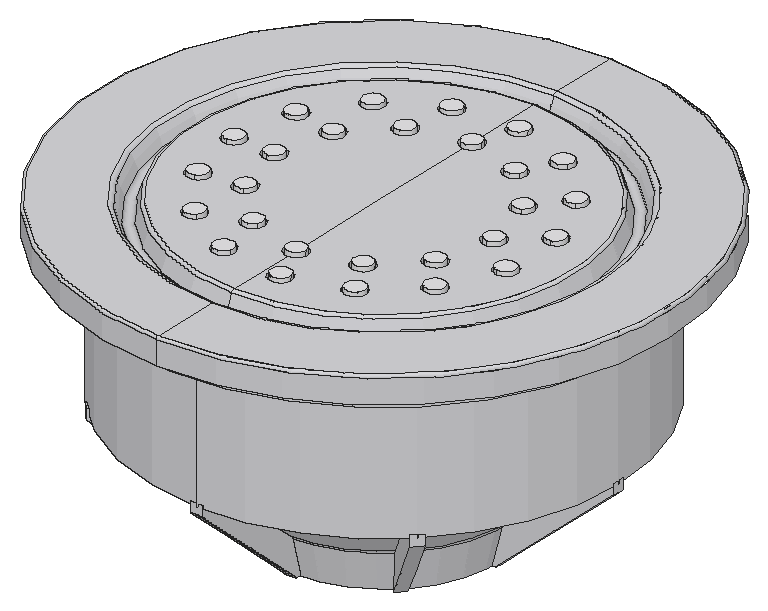
Revit family "Shower-Bodyspray-KOHLER-WaterTile-K-8013IN", category Plumbing Fixtures, host Face, Revit 2017
Family settings
  Host = Face
  Round Connector Dimension = Use Diameter
  Part Type = Normal
  OmniClass Number = 23.31.17.00
  OmniClass Title = Showers
  Cut with Voids When Loaded = No
  Shared = No
  Room Calculation Point = No
Parameters (values of type "CP-Polished Chrome")
  Width = 4 7/8"  # constant formula
  WaterSense Certified = 1 = 0  # no
  Waste Water Outlet = "Waste Water Outlet"  # constant formula
  Waste Connection = 1 = 0  # no
  Vent Connection = 1 = 0  # no
  URL = "https://www.kohler.co.in/"
  Type = 1
  Temperd Water Inlet = "Temperd Water Inlet"  # constant formula
  Product Page URL = "https://www.kohler.co.in/product-detail/8013in?skuid=K-8013IN-CP"
  Product Name = "Water Tile"  # constant formula
  Product Documentation Link = "https://www.us.kohler.com/webassets/kpna/catalog/pdf/en/K-8013-AK_spec_US-CA_Kohler_en.pdf"
  Pressure = 80.00 psi  # constant formula
  Panel Thickness = 1/4"  # constant formula
  Model = if(Type = 1, "K-8013IN-CP", "NA")  # "K-8013IN-CP"
  Material = "Premium Metal Construction"  # constant formula
  Master Format 2014 Name = "Residential Showers"  # constant formula
  Master Format 2014 = "22 42 23"  # constant formula
  Manufacturer Address = "Ambience Office Tower NH-8 Gurgaon / Gurugram Haryana , 122001"  # constant formula
  Manufacturer = "KOHLER Co."  # constant formula
  Length = 2 1/2"  # constant formula
  Hot Water Inlet = "Hot Water Inlet"  # constant formula
  Height = 4 7/8"  # constant formula
  HW Connection = 1 = 1  # yes
  Flow Rate = 2 GPM  # constant formula
  Finish = Kohler-Metal-CP-Polished_Chrome
  Environmental Product Declaration = ""
  Drain Included = 1 = 0  # no
  Description = "Round 27-nozzle bodyspray with stimulating spray"  # constant formula
  Default Elevation = 42"
  Declare Label = ""
  Date Modified = "09/16/2020"  # constant formula
  Date Created = "09/16/2020"  # constant formula
  Copyright = "Copyright KOHLER Co."  # constant formula
  Contact Us = "https://www.kohler.co.in/contact-us"
  Cold Water Inlet = "Cold Water Inlet"  # constant formula
  CW Connection = 1 = 0  # no
  Assembly Code = "D2010700"
  ADA Compliant = 1 = 0  # no
Reference planes (in)
  plane 1 "Center (Front/Back)": y = 0
  plane 2: z = 0
  plane 3 "Center (Left/Right)": x = 0
  plane 4: z = 0
  plane 5: z = 0
  plane 6: y = -2.44094
  plane 7: y = -2.44094
  plane 8: x = -2.44094
  plane 9: x = -2.44094
  plane 10: y = 2.00787
  plane 11: y = -2.00787
  plane 12: x = -2.44094
  plane 13: y = -2.44094
  plane 14: z = 0
  plane 15: y = 2.43406
  plane 16: x = 2.43406
  plane 17: z = 0.25
  plane 18: z = -2.25
Forms (in)
  Extrusion 1, void
    sketch origin (0, 0, 0) x (1, 0, 0) y (0, 1, 0)
      loop
        circle (0, 0) r 2.30054
    from 0 to -2.24409
Dimensions and locks (in)
  plane 10 to plane 11 = 4.01575"
  "Height": plane 13 to plane 15
  "Width": plane 12 to plane 16
  "Panel Thickness": plane 17 to plane 14
  "Length": plane 17 to plane 18
  aligned and locked: plane 2 to host face
  aligned and locked: level to host face
Automatic sketch dimensions
  host sketch curve to host sketch curve = 96"  (x2)
  plane 1 "Center (Front/Back)" to Extrusion 1 sketch curve = 0"
  Extrusion 1 sketch curve to plane 3 "Center (Left/Right)" = 0"
  radius of Extrusion 1 sketch curve = 2.30054"
Nested families (in)
  nested 1: "K-8013IN" at (0, 0, -2.24409) x (0, 1, 0) z (0, 0, 1), type "K-8013IN"
Connectors (in)
  piping at (0, 0, -2.14126), diameter 0.5, driven by "Flow Rate", driven by "Pressure", driven by "HW Connection", driven by "Temperd Water Inlet"
    settings: on nested 1, index 1, connector inside diameter 24", connector length 0", flow factor 0, pipe flow 2 GPM, pressure drop 80.00 psi, fitting loss kfactor 0, connector angle 0.00°, fixture units 0, engagement length 0", angle of deflection 0.00°, flow configuration 0, flow direction 1, fitting loss method 4, system type 19, joint type 0, gender type 0, connector reference index -1, connector utility 1, adjustable connector no, is connector primary yes, connector description "Temperd Water Inlet"
Definition of nested family "K-8013IN"
  Parameters (values of type "K-8013IN")
    Material = none
  Reference planes (in)
    plane 1 "Center (Front/Back)": y = 0
    plane 2: z = 0
    plane 3 "Center (Left/Right)": x = 0
    plane 4: z = 2.50725
    plane 5: x = -2.00787
    plane 6: x = 2.00787
    plane 7: z = 2.24409
    plane 8: y = 2.44094
    plane 9: y = -2.3622
    plane 10: x = -2.44094
    plane 11: x = 2.44094
  Forms (in)
    Revolve 1, solid, material <- "Material", detail levels medium+fine
      sketch origin (0, 0, 0) x (1, 0, 0) y (0, 0, 1)
        loop
          arc (2.44094, 2.44803) -> (2.43434, 2.46397) -> (2.4184, 2.47058) r 0.02255
          line (2.4184, 2.47058) -> (1.85271, 2.47058)
          arc (1.85271, 2.47058) -> (1.83083, 2.46491) -> (1.81445, 2.44932) r 0.04506
          arc (1.81445, 2.44932) -> (1.78217, 2.38955) -> (1.75742, 2.32629) r 0.55484
          arc (1.75742, 2.32629) -> (1.71759, 2.29377) -> (1.67543, 2.32321) r 0.04265
          line (1.67543, 2.32321) -> (1.63391, 2.45099)
          arc (1.63391, 2.45099) -> (1.62361, 2.46516) -> (1.60695, 2.47058) r 0.02835
          line (1.60695, 2.47058) -> (0, 2.47058) -> (0, 0.10283) -> (0.6485, 0.10283) -> (0.6485, 0) -> (0.96347, 0) -> (1.05121, 0.32704)
          arc (1.05121, 0.32704) -> (1.05781, 0.34149) -> (1.06877, 0.353) r 0.04799
          arc (1.06877, 0.353) -> (1.35597, 0.62436) -> (1.57456, 0.95351) r 1.74048
          arc (1.57456, 0.95351) -> (1.58841, 0.96847) -> (1.60804, 0.974) r 0.0376
          line (1.60804, 0.974) -> (2.00787, 0.974) -> (2.00787, 2.14565) -> (2.30054, 2.14565) -> (2.30054, 2.24409) -> (2.44094, 2.24409) -> (2.44094, 2.44803)
        axis (0, 0) -> (0, 2.47058)
      angle from 0 to 360
    Extrusion 2, solid, material <- "Material", detail levels medium+fine
      sketch origin (0, 0, 0) x (1, 0, 0) y (0, 1, 0)
        loop
          arc (0.9299, 0.04924) -> (0.88066, 0) -> (0.9299, -0.04924) r 0.04924
          line (0.9299, -0.04924) -> (2.00727, -0.04924) -> (2.00727, 0.04924) -> (0.9299, 0.04924)
        loop
          arc (0.62272, 0.69236) -> (0.62272, 0.62272) -> (0.69236, 0.62272) r 0.04924
          line (0.69236, 0.62272) -> (1.45417, 1.38454) -> (1.38454, 1.45417) -> (0.62272, 0.69236)
        loop
          arc (-0.04924, 0.9299) -> (0, 0.88066) -> (0.04924, 0.9299) r 0.04924
          line (0.04924, 0.9299) -> (0.04924, 2.00727) -> (-0.04924, 2.00727) -> (-0.04924, 0.9299)
        loop
          line (-0.9299, 0.04924) -> (-2.00727, 0.04924) -> (-2.00727, -0.04924) -> (-0.9299, -0.04924)
          arc (-0.9299, -0.04924) -> (-0.88066, 0) -> (-0.9299, 0.04924) r 0.04924
        loop
          line (-0.62272, 0.69236) -> (-1.38454, 1.45417) -> (-1.45417, 1.38454) -> (-0.69236, 0.62272)
          arc (-0.69236, 0.62272) -> (-0.62272, 0.62272) -> (-0.62272, 0.69236) r 0.04924
        loop
          line (-0.04924, -0.9299) -> (-0.04924, -2.00727) -> (0.04924, -2.00727) -> (0.04924, -0.9299)
          arc (0.04924, -0.9299) -> (0, -0.88066) -> (-0.04924, -0.9299) r 0.04924
        loop
          line (-0.69236, -0.62272) -> (-1.45417, -1.38454) -> (-1.38454, -1.45417) -> (-0.62272, -0.69236)
          arc (-0.62272, -0.69236) -> (-0.62272, -0.62272) -> (-0.69236, -0.62272) r 0.04924
        loop
          arc (0.69236, -0.62272) -> (0.62272, -0.62272) -> (0.62272, -0.69236) r 0.04924
          line (0.62272, -0.69236) -> (1.38454, -1.45417) -> (1.45417, -1.38454) -> (0.69236, -0.62272)
      from 0 to 0.99858
    Extrusion 3, void
      sketch origin (0, 0, 0) x (1, 0, 0) y (0, 1, 0)
        loop
          circle (0, 1.28639) r 0.09604
        loop
          circle (0.52322, 1.17518) r 0.09604
        loop
          circle (0.95597, 0.86076) r 0.09604
        loop
          circle (-0.52322, 1.17518) r 0.09604
        loop
          circle (-0.95597, 0.86076) r 0.09604
        loop
          circle (-1.27934, -0.13446) r 0.09604
        loop
          circle (-1.11405, -0.6432) r 0.09604
        loop
          circle (-0.75612, -1.04071) r 0.09604
        loop
          circle (1.27934, -0.13446) r 0.09604
        loop
          circle (1.11405, -0.6432) r 0.09604
        loop
          circle (0.75612, -1.04071) r 0.09604
        loop
          circle (0, 0.94121) r 0.09676
        loop
          circle (0.47061, 0.81511) r 0.09676
        loop
          circle (0.81511, 0.47061) r 0.09676
        loop
          circle (0.94121, 0) r 0.09676
        loop
          circle (0, -0.94121) r 0.09676
        loop
          circle (0.47061, -0.81511) r 0.09676
        loop
          circle (0.81511, -0.47061) r 0.09676
        loop
          circle (-0.47061, 0.81511) r 0.09676
        loop
          circle (-0.81511, 0.47061) r 0.09676
        loop
          circle (-0.94121, 0) r 0.09676
        loop
          circle (-0.47061, -0.81511) r 0.09676
        loop
          circle (-0.81511, -0.47061) r 0.09676
        loop
          circle (1.22343, 0.39752) r 0.09604
        loop
          circle (-1.22343, 0.39752) r 0.09604
        loop
          circle (-0.26746, -1.25828) r 0.09604
        loop
          circle (0.26746, -1.25828) r 0.09604
      from 1.31 to 2.90993
    Extrusion 4, solid, detail levels medium+fine
      sketch origin (0, 0, 0) x (1, 0, 0) y (0, 1, 0)
        loop
          circle (0, 1.28639) r 0.08206
        loop
          circle (0.52322, 1.17518) r 0.08206
        loop
          circle (0.95597, 0.86076) r 0.08206
        loop
          circle (1.27934, -0.13446) r 0.08206
        loop
          circle (-0.52322, 1.17518) r 0.08206
        loop
          circle (-0.95597, 0.86076) r 0.08206
        loop
          circle (-1.22343, 0.39752) r 0.08206
        loop
          circle (1.11405, -0.6432) r 0.08206
        loop
          circle (0.75612, -1.04071) r 0.08206
        loop
          circle (-1.27934, -0.13446) r 0.08206
        loop
          circle (-1.11405, -0.6432) r 0.08206
        loop
          circle (-0.75612, -1.04071) r 0.08206
        loop
          circle (0, 0.94121) r 0.07874
        loop
          circle (0.47061, 0.81511) r 0.07874
        loop
          circle (0.81511, 0.47061) r 0.07874
        loop
          circle (0.94121, 0) r 0.07874
        loop
          circle (-0.47061, 0.81511) r 0.07874
        loop
          circle (-0.81511, 0.47061) r 0.07874
        loop
          circle (-0.94121, 0) r 0.07874
        loop
          circle (0, -0.94121) r 0.07874
        loop
          circle (0.47061, -0.81511) r 0.07874
        loop
          circle (0.81511, -0.47061) r 0.07874
        loop
          circle (-0.47061, -0.81511) r 0.07874
        loop
          circle (-0.81511, -0.47061) r 0.07874
        loop
          circle (1.22343, 0.39752) r 0.08206
        loop
          circle (0.26746, -1.25828) r 0.08206
        loop
          circle (-0.26746, -1.25828) r 0.08206
      from 1.60018 to 2.5
    Revolve 5, void
      sketch origin (0, 0, 0) x (1, 0, 0) y (0, 0, 1)
        loop
          line (0.8524, -0.13144) -> (2.16414, -0.13144) -> (2.16414, 1.04967) -> (0.8524, -0.13144)
        axis (0, -0.13144) -> (0, 1.04967)
      angle from 0 to 360
    Extrusion 6, solid, material <- "Material", detail levels medium+fine
      sketch origin (0, 0, 0) x (1, 0, 0) y (0, 1, 0)
        loop
          circle (0, 0) r 0.03428
      from 0.10283 to 0.15246
    Revolve 7, solid, material <- "Material", detail levels coarse
      sketch origin (0, 0, 0) x (1, 0, 0) y (0, 0, 1)
        loop
          line (0, 0) -> (0.99837, 0) -> (2.00727, 0.90896) -> (2.00727, 2.14564) -> (2.30209, 2.14564) -> (2.30209, 2.24409) -> (2.44094, 2.24409) -> (2.44094, 2.50725) -> (0, 2.50725) -> (0, 0)
        axis (0, 2.50725) -> (0, 0)
      angle from 0 to 360
  Cuts and joins
    Extrusion 3 cuts Revolve 1
    Extrusion 3, Revolve 5 cuts Extrusion 2
  Lines and regions (in)
    Masking region 1
      outline origin (0, 0, 0) x (1, 0, 0) y (0, 0, 1)
        loop
          line (0.99837, 0) -> (2.00727, 0.90842) -> (2.0081, 2.14565) -> (2.30054, 2.14565) -> (2.30054, 2.24409) -> (2.44094, 2.24409) -> (2.44094, 2.44751)
          arc (2.44094, 2.44751) -> (2.43419, 2.46382) -> (2.41788, 2.47058) r 0.02306
          line (2.41788, 2.47058) -> (1.36257, 2.47058) -> (1.36257, 2.50725) -> (0.6745, 2.50725) -> (0.6745, 2.47058) -> (0.60479, 2.47058) -> (0.60479, 2.50725) -> (0.39187, 2.50725) -> (0.39187, 2.47058) -> (0.34951, 2.47058) -> (0.34951, 2.50725) -> (0.18555, 2.50725) -> (0.18555, 2.47058) -> (0.08206, 2.47058) -> (0.08206, 2.50725) -> (-0.08206, 2.50725) -> (-0.08206, 2.47058) -> (-0.18445, 2.47058) -> (-0.18445, 2.50725) -> (-0.34916, 2.50725) -> (-0.34916, 2.47058) -> (-0.39187, 2.47058) -> (-0.39187, 2.50725) -> (-0.60482, 2.50725) -> (-0.60482, 2.47058) -> (-0.67407, 2.47058) -> (-0.67407, 2.50725) -> (-1.36257, 2.50725) -> (-1.36257, 2.47058) -> (-2.41788, 2.47058)
          arc (-2.41788, 2.47058) -> (-2.43419, 2.46382) -> (-2.44094, 2.44751) r 0.02306
          line (-2.44094, 2.44751) -> (-2.44094, 2.24409) -> (-2.30054, 2.24409) -> (-2.30054, 2.14565) -> (-2.0081, 2.14565) -> (-2.00727, 0.90842) -> (-0.99837, 0) -> (0.99837, 0)
    Masking region 2
      outline origin (0, 0, 0) x (0, 1, 0) y (0, 0, 1)
        loop
          line (-0.99837, 0) -> (0.99837, 0) -> (2.00727, 0.90787) -> (2.00727, 2.14565) -> (2.30054, 2.14565) -> (2.30054, 2.24409) -> (2.44086, 2.24409) -> (2.44086, 2.44811)
          arc (2.44086, 2.44811) -> (2.43428, 2.464) -> (2.4184, 2.47058) r 0.02247
          line (2.4184, 2.47058) -> (1.36842, 2.47058) -> (1.36842, 2.50725) -> (1.09353, 2.50725) -> (1.09353, 2.47058) -> (1.01991, 2.47058) -> (1.01991, 2.50725) -> (0.73614, 2.50725) -> (0.73614, 2.47058) -> (0.54911, 2.47058) -> (0.54911, 2.50725) -> (0.315, 2.50725) -> (0.315, 2.47058) -> (0.07882, 2.47058) -> (0.07882, 2.50725) -> (-0.21616, 2.50725) -> (-0.21616, 2.47058) -> (-0.39155, 2.47058) -> (-0.39155, 2.50725) -> (-0.89398, 2.50725) -> (-0.89398, 2.47058) -> (-0.95906, 2.47058) -> (-0.95906, 2.50725) -> (-1.12338, 2.50725) -> (-1.12338, 2.47058) -> (-1.17641, 2.47058) -> (-1.17641, 2.50725) -> (-1.34007, 2.50725) -> (-1.34007, 2.47058) -> (-2.4184, 2.47058)
          arc (-2.4184, 2.47058) -> (-2.43428, 2.464) -> (-2.44086, 2.44811) r 0.02247
          line (-2.44086, 2.44811) -> (-2.44086, 2.24409) -> (-2.30054, 2.24409) -> (-2.30054, 2.14565) -> (-2.00727, 2.14565) -> (-2.00727, 0.90787) -> (-0.99837, 0)
    Masking region 3
      outline origin (0, 0, 0) x (1, 0, 0) y (0, 1, 0)
        loop
          circle (0, 0) r 2.44094
    symbolic lines, detail levels medium+fine
      curve 1: circle (0, 0, 0) r 1.75742 normal (0, 0, -1)
      curve 2: arc (-0.59818, 1.1418, 0) -> (-0.48985, 1.10021, 0) -> (-0.44826, 1.20855, 0) r 0.08206
      curve 3: arc (-0.44826, 1.20855, 0) -> (-0.5566, 1.25014, 0) -> (-0.59818, 1.1418, 0) r 0.08206
      curve 4: arc (-0.43549, 1.21424, 0) -> (-0.56228, 1.26291, 0) -> (-0.61096, 1.13611, 0) r 0.09604
      curve 5: arc (-0.61096, 1.13611, 0) -> (-0.48416, 1.08744, 0) -> (-0.43549, 1.21424, 0) r 0.09604
      curve 6: arc (-0.90107, 0.92174, 0) -> (-1.01695, 0.91567, 0) -> (-1.01088, 0.79978, 0) r 0.08206
      curve 7: arc (-1.01088, 0.79978, 0) -> (-0.895, 0.80586, 0) -> (-0.90107, 0.92174, 0) r 0.08206
      curve 8: arc (-0.89171, 0.93213, 0) -> (-1.02735, 0.92503, 0) -> (-1.02024, 0.78939, 0) r 0.09604
      curve 9: arc (-1.02024, 0.78939, 0) -> (-0.8846, 0.7965, 0) -> (-0.89171, 0.93213, 0) r 0.09604
      curve 10: arc (-1.19807, 0.47556, 0) -> (-1.30147, 0.42287, 0) -> (-1.24879, 0.31948, 0) r 0.08206
      curve 11: arc (-1.24879, 0.31948, 0) -> (-1.14539, 0.37216, 0) -> (-1.19807, 0.47556, 0) r 0.08206
      curve 12: arc (-1.25311, 0.30618, 0) -> (-1.13209, 0.36784, 0) -> (-1.19375, 0.48886, 0) r 0.09604
      curve 13: arc (-1.19375, 0.48886, 0) -> (-1.31477, 0.42719, 0) -> (-1.25311, 0.30618, 0) r 0.09604
      curve 14: arc (-0.77574, 0.5388, 0) -> (-0.88331, 0.50998, 0) -> (-0.85448, 0.40242, 0) r 0.07874
      curve 15: arc (-0.76673, 0.5544, 0) -> (-0.89891, 0.51899, 0) -> (-0.8635, 0.38681, 0) r 0.09676
      curve 16: arc (-0.85448, 0.40242, 0) -> (-0.74692, 0.43124, 0) -> (-0.77574, 0.5388, 0) r 0.07874
      curve 17: arc (-0.8635, 0.38681, 0) -> (-0.73132, 0.42223, 0) -> (-0.76673, 0.5544, 0) r 0.09676
      curve 18: arc (-0.38681, 0.8635, 0) -> (-0.51899, 0.89891, 0) -> (-0.5544, 0.76673, 0) r 0.09676
      curve 19: arc (-0.40242, 0.85448, 0) -> (-0.50998, 0.88331, 0) -> (-0.5388, 0.77574, 0) r 0.07874
      curve 20: arc (-0.5388, 0.77574, 0) -> (-0.43124, 0.74692, 0) -> (-0.40242, 0.85448, 0) r 0.07874
      curve 21: arc (-0.5544, 0.76673, 0) -> (-0.42223, 0.73132, 0) -> (-0.38681, 0.8635, 0) r 0.09676
      curve 22: arc (0.08206, 1.28639, 0) -> (0, 1.36845, 0) -> (-0.08206, 1.28639, 0) r 0.08206
      curve 23: arc (0.09604, 1.28639, 0) -> (0, 1.38243, 0) -> (-0.09604, 1.28639, 0) r 0.09604
      curve 24: arc (-0.08206, 1.28639, 0) -> (0, 1.20434, 0) -> (0.08206, 1.28639, 0) r 0.08206
      curve 25: arc (-0.09604, 1.28639, 0) -> (0, 1.19035, 0) -> (0.09604, 1.28639, 0) r 0.09604
      curve 26: arc (0.09676, 0.94121, 0) -> (0, 1.03797, 0) -> (-0.09676, 0.94121, 0) r 0.09676
      curve 27: arc (0.07874, 0.94121, 0) -> (0, 1.01995, 0) -> (-0.07874, 0.94121, 0) r 0.07874
      curve 28: arc (-0.07874, 0.94121, 0) -> (0, 0.86247, 0) -> (0.07874, 0.94121, 0) r 0.07874
      curve 29: arc (-0.09676, 0.94121, 0) -> (0, 0.84445, 0) -> (0.09676, 0.94121, 0) r 0.09676
      curve 30: arc (0.59818, 1.1418, 0) -> (0.5566, 1.25014, 0) -> (0.44826, 1.20855, 0) r 0.08206
      curve 31: arc (0.44826, 1.20855, 0) -> (0.48985, 1.10021, 0) -> (0.59818, 1.1418, 0) r 0.08206
      curve 32: arc (0.61096, 1.13611, 0) -> (0.56228, 1.26291, 0) -> (0.43549, 1.21424, 0) r 0.09604
      curve 33: arc (0.43549, 1.21424, 0) -> (0.48416, 1.08744, 0) -> (0.61096, 1.13611, 0) r 0.09604
      curve 34: arc (0.5388, 0.77574, 0) -> (0.50998, 0.88331, 0) -> (0.40242, 0.85448, 0) r 0.07874
      curve 35: arc (0.38681, 0.8635, 0) -> (0.42223, 0.73132, 0) -> (0.5544, 0.76673, 0) r 0.09676
      curve 36: arc (0.40242, 0.85448, 0) -> (0.43124, 0.74692, 0) -> (0.5388, 0.77574, 0) r 0.07874
      curve 37: arc (0.5544, 0.76673, 0) -> (0.51899, 0.89891, 0) -> (0.38681, 0.8635, 0) r 0.09676
      curve 38: arc (1.01088, 0.79978, 0) -> (1.01695, 0.91567, 0) -> (0.90107, 0.92174, 0) r 0.08206
      curve 39: arc (0.90107, 0.92174, 0) -> (0.895, 0.80586, 0) -> (1.01088, 0.79978, 0) r 0.08206
      curve 40: arc (0.89171, 0.93213, 0) -> (0.8846, 0.7965, 0) -> (1.02024, 0.78939, 0) r 0.09604
      curve 41: arc (1.02024, 0.78939, 0) -> (1.02735, 0.92503, 0) -> (0.89171, 0.93213, 0) r 0.09604
      curve 42: arc (0.77574, 0.5388, 0) -> (0.74692, 0.43124, 0) -> (0.85448, 0.40242, 0) r 0.07874
      curve 43: arc (0.85448, 0.40242, 0) -> (0.88331, 0.50998, 0) -> (0.77574, 0.5388, 0) r 0.07874
      curve 44: arc (0.8635, 0.38681, 0) -> (0.89891, 0.51899, 0) -> (0.76673, 0.5544, 0) r 0.09676
      curve 45: arc (0.76673, 0.5544, 0) -> (0.73132, 0.42223, 0) -> (0.8635, 0.38681, 0) r 0.09676
      curve 46: arc (1.24879, 0.31948, 0) -> (1.30147, 0.42287, 0) -> (1.19807, 0.47556, 0) r 0.08206
      curve 47: arc (1.19807, 0.47556, 0) -> (1.14539, 0.37216, 0) -> (1.24879, 0.31948, 0) r 0.08206
      curve 48: arc (1.19375, 0.48886, 0) -> (1.13209, 0.36784, 0) -> (1.25311, 0.30618, 0) r 0.09604
      curve 49: arc (1.25311, 0.30618, 0) -> (1.31477, 0.42719, 0) -> (1.19375, 0.48886, 0) r 0.09604
      curve 50: arc (0.94121, 0.07874, 0) -> (0.86247, 0, 0) -> (0.94121, -0.07874, 0) r 0.07874
      curve 51: arc (0.94121, 0.09676, 0) -> (0.84445, 0, 0) -> (0.94121, -0.09676, 0) r 0.09676
      curve 52: arc (0.94121, -0.09676, 0) -> (1.03797, 0, 0) -> (0.94121, 0.09676, 0) r 0.09676
      curve 53: arc (0.94121, -0.07874, 0) -> (1.01995, 0, 0) -> (0.94121, 0.07874, 0) r 0.07874
      curve 54: arc (1.28938, -0.03895, 0) -> (1.18383, -0.12443, 0) -> (1.2693, -0.22998, 0) r 0.09604
      curve 55: arc (1.28792, -0.05286, 0) -> (1.19774, -0.12589, 0) -> (1.27077, -0.21607, 0) r 0.08206
      curve 56: arc (1.27077, -0.21607, 0) -> (1.36095, -0.14304, 0) -> (1.28792, -0.05286, 0) r 0.08206
      curve 57: arc (1.2693, -0.22998, 0) -> (1.37486, -0.1445, 0) -> (1.28938, -0.03895, 0) r 0.09604
      curve 58: arc (0.8635, -0.38681, 0) -> (0.73132, -0.42223, 0) -> (0.76673, -0.5544, 0) r 0.09676
      curve 59: arc (0.85448, -0.40242, 0) -> (0.74692, -0.43124, 0) -> (0.77574, -0.5388, 0) r 0.07874
      curve 60: arc (0.77574, -0.5388, 0) -> (0.88331, -0.50998, 0) -> (0.85448, -0.40242, 0) r 0.07874
      curve 61: arc (0.76673, -0.5544, 0) -> (0.89891, -0.51899, 0) -> (0.8635, -0.38681, 0) r 0.09676
      curve 62: arc (1.15507, -0.57213, 0) -> (1.04298, -0.60217, 0) -> (1.07302, -0.71426, 0) r 0.08206
      curve 63: arc (1.16207, -0.56002, 0) -> (1.03087, -0.59518, 0) -> (1.06603, -0.72637, 0) r 0.09604
      curve 64: arc (1.07302, -0.71426, 0) -> (1.18511, -0.68422, 0) -> (1.15507, -0.57213, 0) r 0.08206
      curve 65: arc (1.06603, -0.72637, 0) -> (1.19722, -0.69121, 0) -> (1.16207, -0.56002, 0) r 0.09604
      curve 66: arc (0.5388, -0.77574, 0) -> (0.43124, -0.74692, 0) -> (0.40242, -0.85448, 0) r 0.07874
      curve 67: arc (0.40242, -0.85448, 0) -> (0.50998, -0.88331, 0) -> (0.5388, -0.77574, 0) r 0.07874
      curve 68: arc (0.5388, -0.77574, 0) -> (0.43124, -0.74692, 0) -> (0.40242, -0.85448, 0) r 0.07874
      curve 69: arc (0.5544, -0.76673, 0) -> (0.42223, -0.73132, 0) -> (0.38681, -0.8635, 0) r 0.09676
      curve 70: arc (0.38681, -0.8635, 0) -> (0.51899, -0.89891, 0) -> (0.5544, -0.76673, 0) r 0.09676
      curve 71: arc (0.82251, -0.99248, 0) -> (0.70789, -0.97433, 0) -> (0.68974, -1.08894, 0) r 0.08206
      curve 72: arc (0.83382, -0.98426, 0) -> (0.69967, -0.96301, 0) -> (0.67842, -1.09716, 0) r 0.09604
      curve 73: arc (0.68974, -1.08894, 0) -> (0.80435, -1.1071, 0) -> (0.82251, -0.99248, 0) r 0.08206
      curve 74: arc (0.67842, -1.09716, 0) -> (0.81257, -1.11841, 0) -> (0.83382, -0.98426, 0) r 0.09604
      curve 75: arc (0.34772, -1.24122, 0) -> (0.2504, -1.17802, 0) -> (0.18719, -1.27534, 0) r 0.08206
      curve 76: arc (0.3614, -1.23831, 0) -> (0.24749, -1.16434, 0) -> (0.17352, -1.27825, 0) r 0.09604
      curve 77: arc (0.18719, -1.27534, 0) -> (0.28452, -1.33854, 0) -> (0.34772, -1.24122, 0) r 0.08206
      curve 78: arc (0.17352, -1.27825, 0) -> (0.28742, -1.35222, 0) -> (0.3614, -1.23831, 0) r 0.09604
      curve 79: arc (-0.3614, -1.23831, 0) -> (-0.28742, -1.35222, 0) -> (-0.17352, -1.27825, 0) r 0.09604
      curve 80: arc (-0.18719, -1.27534, 0) -> (-0.2504, -1.17802, 0) -> (-0.34772, -1.24122, 0) r 0.08206
      curve 81: arc (-0.34772, -1.24122, 0) -> (-0.28452, -1.33854, 0) -> (-0.18719, -1.27534, 0) r 0.08206
      curve 82: arc (-0.17352, -1.27825, 0) -> (-0.24749, -1.16434, 0) -> (-0.3614, -1.23831, 0) r 0.09604
      curve 83: arc (-0.82251, -0.99248, 0) -> (-0.80435, -1.1071, 0) -> (-0.68974, -1.08894, 0) r 0.08206
      curve 84: arc (-0.83382, -0.98426, 0) -> (-0.81257, -1.11841, 0) -> (-0.67842, -1.09716, 0) r 0.09604
      curve 85: arc (-0.68974, -1.08894, 0) -> (-0.70789, -0.97433, 0) -> (-0.82251, -0.99248, 0) r 0.08206
      curve 86: arc (-0.67842, -1.09716, 0) -> (-0.69967, -0.96301, 0) -> (-0.83382, -0.98426, 0) r 0.09604
      curve 87: arc (-0.40242, -0.85448, 0) -> (-0.43124, -0.74692, 0) -> (-0.5388, -0.77574, 0) r 0.07874
      curve 88: arc (-0.5388, -0.77574, 0) -> (-0.50998, -0.88331, 0) -> (-0.40242, -0.85448, 0) r 0.07874
      curve 89: arc (-0.5544, -0.76673, 0) -> (-0.51899, -0.89891, 0) -> (-0.38681, -0.8635, 0) r 0.09676
      curve 90: arc (-0.38681, -0.8635, 0) -> (-0.42223, -0.73132, 0) -> (-0.5544, -0.76673, 0) r 0.09676
      curve 91: arc (-0.76673, -0.5544, 0) -> (-0.73132, -0.42223, 0) -> (-0.8635, -0.38681, 0) r 0.09676
      curve 92: arc (-0.77574, -0.5388, 0) -> (-0.74692, -0.43124, 0) -> (-0.85448, -0.40242, 0) r 0.07874
      curve 93: arc (-0.8635, -0.38681, 0) -> (-0.89891, -0.51899, 0) -> (-0.76673, -0.5544, 0) r 0.09676
      curve 94: arc (-0.85448, -0.40242, 0) -> (-0.88331, -0.50998, 0) -> (-0.77574, -0.5388, 0) r 0.07874
      curve 95: arc (-1.07302, -0.71426, 0) -> (-1.04298, -0.60217, 0) -> (-1.15507, -0.57213, 0) r 0.08206
      curve 96: arc (-1.06603, -0.72637, 0) -> (-1.03087, -0.59518, 0) -> (-1.16207, -0.56002, 0) r 0.09604
      curve 97: arc (-1.15507, -0.57213, 0) -> (-1.18511, -0.68422, 0) -> (-1.07302, -0.71426, 0) r 0.08206
      curve 98: arc (-1.16207, -0.56002, 0) -> (-1.19722, -0.69121, 0) -> (-1.06603, -0.72637, 0) r 0.09604
      curve 99: arc (-1.28792, -0.05286, 0) -> (-1.36095, -0.14304, 0) -> (-1.27077, -0.21607, 0) r 0.08206
      curve 100: arc (-1.28938, -0.03895, 0) -> (-1.37486, -0.1445, 0) -> (-1.2693, -0.22998, 0) r 0.09604
      curve 101: arc (-1.27077, -0.21607, 0) -> (-1.19774, -0.12589, 0) -> (-1.28792, -0.05286, 0) r 0.08206
      curve 102: arc (-1.2693, -0.22998, 0) -> (-1.18383, -0.12443, 0) -> (-1.28938, -0.03895, 0) r 0.09604
      curve 103: arc (-0.94121, -0.09676, 0) -> (-0.84445, 0, 0) -> (-0.94121, 0.09676, 0) r 0.09676
      curve 104: arc (-0.94121, -0.07874, 0) -> (-0.86247, 0, 0) -> (-0.94121, 0.07874, 0) r 0.07874
      curve 105: arc (-0.94121, 0.07874, 0) -> (-1.01995, 0, 0) -> (-0.94121, -0.07874, 0) r 0.07874
      curve 106: arc (-0.94121, 0.09676, 0) -> (-1.03797, 0, 0) -> (-0.94121, -0.09676, 0) r 0.09676
      curve 107: line (-2.00787, 0, 2.14565) -> (2.00787, 0, 2.14565)
      curve 108: line (2.00727, 0, 0.99858) -> (1.45417, 0, 0.99858)
      curve 109: line (-1.38454, 0, 0.90896) -> (-0.67028, 0, 0)
      curve 110: line (-0.73991, 0, 0) -> (-1.45417, 0, 0.90896)
      curve 111: line (-1.45417, 0, 0.99858) -> (-1.45417, 0, 0.90896)
      curve 112: line (-1.38454, 0, 0.90896) -> (-1.38454, 0, 0.99858)
      curve 113: line (-0.04924, 0, 0.99858) -> (-0.04924, 0, 0)
      curve 114: line (0.04924, 0, 0) -> (0.04924, 0, 0.99858)
      curve 115: arc (-0.04924, 0, 0.90896) -> (0, 0, 0.90842) -> (0.04924, 0, 0.90896) r 2.22991
      curve 116: line (0.67028, 0, 0) -> (1.38454, 0, 0.90896)
      curve 117: line (1.45417, 0, 0.90896) -> (0.73991, 0, 0)
      curve 118: line (1.38454, 0, 0.90896) -> (1.38454, 0, 0.99858)
      curve 119: line (1.45417, 0, 0.99858) -> (1.45417, 0, 0.90896)
      curve 120: line (-1.45417, 0, 0.99858) -> (-2.00727, 0, 0.99858)
      curve 121: line (-0.04924, 0, 0.99858) -> (-1.38454, 0, 0.99858)
      curve 122: line (1.38454, 0, 0.99858) -> (0.04924, 0, 0.99858)
      curve 123: line (-0.96347, 0, 0) -> (-1.04975, 0, 0.32201)
      curve 124: arc (-1.07583, 0, 0.36055) -> (-1.35911, 0, 0.62829) -> (-1.57437, 0, 0.95325) r 1.70934
      curve 125: arc (-1.04975, 0, 0.32201) -> (-1.05955, 0, 0.34347) -> (-1.07583, 0, 0.36055) r 0.07117
      curve 126: arc (-1.57437, 0, 0.95325) -> (-1.60113, 0, 0.98402) -> (-1.63922, 0, 0.99858) r 0.08408
      curve 127: line (0.96347, 0, 0) -> (1.04975, 0, 0.32201)
      curve 128: arc (1.07583, 0, 0.36055) -> (1.35911, 0, 0.62829) -> (1.57437, 0, 0.95325) r 1.70934
      curve 129: arc (1.04975, 0, 0.32201) -> (1.05955, 0, 0.34347) -> (1.07583, 0, 0.36055) r 0.07117
      curve 130: arc (1.57437, 0, 0.95325) -> (1.60113, 0, 0.98402) -> (1.63922, 0, 0.99858) r 0.08408
      curve 131: line (-1.05955, 0, 0.34347) -> (-1.00981, 0, 0.34347)
      curve 132: line (-0.6485, 0, 0) -> (-0.70449, 0, 0.31754)
      curve 133: arc (-0.72438, 0, 0.35734) -> (-0.92889, 0, 0.63031) -> (-1.06935, 0, 0.94113) r 1.56379
      curve 134: arc (-0.70449, 0, 0.31754) -> (-0.71154, 0, 0.33888) -> (-0.72438, 0, 0.35734) r 0.07809
      curve 135: arc (-1.06935, 0, 0.94113) -> (-1.09083, 0, 0.97649) -> (-1.12582, 0, 0.99858) r 0.09043
      curve 136: line (0.6485, 0, 0) -> (0.70449, 0, 0.31754)
      curve 137: arc (0.72438, 0, 0.35734) -> (0.92889, 0, 0.63031) -> (1.06935, 0, 0.94113) r 1.56379
      curve 138: arc (0.70449, 0, 0.31754) -> (0.71154, 0, 0.33888) -> (0.72438, 0, 0.35734) r 0.07809
      curve 139: arc (1.06935, 0, 0.94113) -> (1.09083, 0, 0.97649) -> (1.12582, 0, 0.99858) r 0.09043
      curve 140: line (-0.71403, 0, 0.34347) -> (-0.04924, 0, 0.34347)
      curve 141: line (0.04924, 0, 0.34347) -> (0.71403, 0, 0.34347)
      curve 142: line (-1.19807, 0, 2.50725) -> (-1.19807, 0, 2.47058)
      curve 143: line (-1.1961, 0, 2.50725) -> (-1.1961, 0, 2.47058)
      curve 144: line (-1.03199, 0, 2.50725) -> (-1.03199, 0, 2.47058)
      curve 145: line (-1.01995, 0, 2.50725) -> (-1.01995, 0, 2.47058)
      curve 146: line (-0.89385, 0, 2.50725) -> (-0.89385, 0, 2.47058)
      curve 147: line (-0.83818, 0, 2.50725) -> (-0.83818, 0, 2.47058)
      curve 148: line (-0.54935, 0, 2.50725) -> (-0.54935, 0, 2.47058)
      curve 149: line (0.54935, 0, 2.50725) -> (0.54935, 0, 2.47058)
      curve 150: line (0.83818, 0, 2.50725) -> (0.83818, 0, 2.47058)
      curve 151: line (0.89385, 0, 2.50725) -> (0.89385, 0, 2.47058)
      curve 152: line (1.01995, 0, 2.50725) -> (1.01995, 0, 2.47058)
      curve 153: line (1.03199, 0, 2.50725) -> (1.03199, 0, 2.47058)
      curve 154: line (1.1961, 0, 2.50725) -> (1.1961, 0, 2.47058)
      curve 155: line (-1.36257, 0, 2.47058) -> (-0.67407, 0, 2.47058)
      curve 156: line (-0.60482, 0, 2.47058) -> (-0.39187, 0, 2.47058)
      curve 157: line (-0.18445, 0, 2.47058) -> (-0.34916, 0, 2.47058)
      curve 158: line (0.39187, 0, 2.47058) -> (0.60479, 0, 2.47058)
      curve 159: line (0.6745, 0, 2.47058) -> (1.36257, 0, 2.47058)
      curve 160: line (-0.08206, 0, 2.47058) -> (0.08206, 0, 2.47058)
      curve 161: line (0.18555, 0, 2.47058) -> (0.34951, 0, 2.47058)
      curve 162: line (1.19807, 0, 2.50725) -> (1.19807, 0, 2.47058)
      curve 163: line (0, 2.00787, 2.14565) -> (0, -2.00727, 2.14565)
      curve 164: line (0, 2.00727, 0.99858) -> (0, 1.45417, 0.99858)
      curve 165: line (0, 0.73991, 0) -> (0, 1.45417, 0.90896)
      curve 166: line (0, 1.38454, 0.90896) -> (0, 0.67028, 0)
      curve 167: line (0, 1.45417, 0.99858) -> (0, 1.45417, 0.90896)
      curve 168: line (0, -0.04924, 0.99858) -> (0, -0.04924, 0)
      curve 169: line (0, 0.04924, 0) -> (0, 0.04924, 0.99858)
      curve 170: arc (0, 0.04924, 0.90896) -> (0, 0, 0.90842) -> (0, -0.04924, 0.90896) r 2.23045
      curve 171: line (0, -0.67028, 0) -> (0, -1.38454, 0.90896)
      curve 172: line (0, -1.45417, 0.90896) -> (0, -0.73991, 0)
      curve 173: line (0, -1.38454, 0.99858) -> (0, -1.38454, 0.90896)
      curve 174: line (0, -1.45417, 0.90896) -> (0, -1.45417, 0.99858)
      curve 175: line (0, 0.96347, 0) -> (0, 1.0513, 0.32779)
      curve 176: arc (0, 1.06822, 0.35289) -> (0, 1.3554, 0.62515) -> (0, 1.57461, 0.95462) r 1.76293
      curve 177: arc (0, 1.0513, 0.32779) -> (0, 1.05766, 0.34175) -> (0, 1.06822, 0.35289) r 0.04651
      curve 178: arc (0, 1.57461, 0.95462) -> (0, 1.60003, 0.98405) -> (0, 1.63609, 0.99858) r 0.08256
      curve 179: line (0, 1.05766, 0.34175) -> (0, 1.00846, 0.34175)
      curve 180: arc (0, 0.71742, 0.34895) -> (0, 0.9242, 0.62504) -> (0, 1.06903, 0.9381) r 1.64907
      curve 181: line (0, 0.6485, 0) -> (0, 0.70892, 0.33198)
      curve 182: arc (0, 0.70892, 0.33198) -> (0, 0.71196, 0.34107) -> (0, 0.71742, 0.34895) r 0.03389
      curve 183: line (0, 0.71231, 0.34175) -> (0, 0.04924, 0.34175)
      curve 184: line (0, 1.38454, 0.90896) -> (0, 1.38454, 0.99858)
      curve 185: arc (0, 1.06903, 0.9381) -> (0, 1.09033, 0.97411) -> (0, 1.12426, 0.99858) r 0.10236
      curve 186: arc (0, -0.71742, 0.34895) -> (0, -0.9242, 0.62504) -> (0, -1.06903, 0.9381) r 1.64907
      curve 187: arc (0, -1.06903, 0.9381) -> (0, -1.09033, 0.97411) -> (0, -1.12426, 0.99858) r 0.10236
      curve 188: line (0, 1.38454, 0.99858) -> (0, 0.04924, 0.99858)
      curve 189: line (0, -0.04924, 0.99858) -> (0, -1.38454, 0.99858)
      curve 190: line (0, -1.45417, 0.99858) -> (0, -2.00727, 0.99858)
      curve 191: line (0, -0.6485, 0) -> (0, -0.70892, 0.33198)
      curve 192: arc (0, -0.70892, 0.33198) -> (0, -0.71196, 0.34107) -> (0, -0.71742, 0.34895) r 0.03389
      curve 193: line (0, -0.71231, 0.34175) -> (0, -0.04924, 0.34175)
      curve 194: line (0, -0.96347, 0) -> (0, -1.0513, 0.32779)
      curve 195: arc (0, -1.06822, 0.35289) -> (0, -1.3554, 0.62515) -> (0, -1.57461, 0.95462) r 1.76293
      curve 196: arc (0, -1.0513, 0.32779) -> (0, -1.05766, 0.34175) -> (0, -1.06822, 0.35289) r 0.04651
      curve 197: line (0, -1.05766, 0.34175) -> (0, -1.00846, 0.34175)
      curve 198: arc (0, -1.57461, 0.95462) -> (0, -1.60003, 0.98405) -> (0, -1.63609, 0.99858) r 0.08256
      curve 199: line (0, 1.25723, 2.50725) -> (0, 1.25723, 2.47058)
      curve 200: line (0, 0.94121, 2.50725) -> (0, 0.94121, 2.47058)
      curve 201: line (0, 0.77904, 2.50725) -> (0, 0.77904, 2.47058)
      curve 202: line (0, 0.47957, 2.50725) -> (0, 0.47957, 2.47058)
      curve 203: line (0, -0.05286, 2.5) -> (0, -0.05286, 2.44409)
      curve 204: line (0, 1.36797, 2.47058) -> (0, 1.09353, 2.47058)
      curve 205: line (0, 1.01991, 2.47058) -> (0, 0.73614, 2.47058)
      curve 206: line (0, 0.54911, 2.47058) -> (0, 0.315, 2.47058)
      curve 207: line (0, -1.17641, 2.47058) -> (0, -1.34007, 2.47058)
      curve 208: line (0, -1.12338, 2.47058) -> (0, -0.95906, 2.47058)
      curve 209: line (0, -0.39155, 2.47058) -> (0, -0.89398, 2.47058)
      curve 210: line (0, 0.07882, 2.47058) -> (0, -0.21616, 2.47058)
      curve 211: circle (0, 0, 0) r 1.63038 normal (0, 0, 1)
      curve 212: circle (0, 0, 0) r 1.68068 normal (0, 0, 1)
      curve 213: circle (0, 0, 0) r 1.84017 normal (0, 0, 1)
      curve 214: line (-2.30054, 0, 2.24409) -> (2.30054, 0, 2.24409)
      curve 215: line (0, 2.30054, 2.24409) -> (0, -2.30054, 2.24409)
  Dimensions and locks (in)
    plane 4 to level = 2.50725"
    plane 7 to level = 2.24409"
    aligned and locked: plane 2 to level
